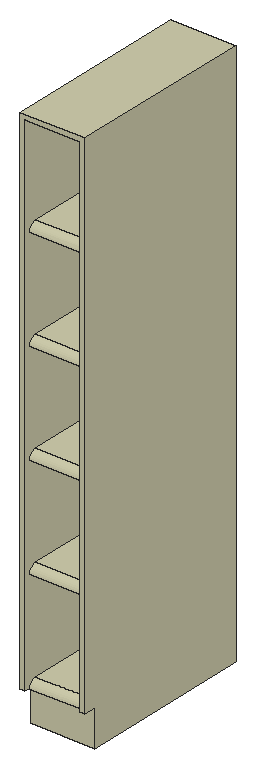
Revit family "Wenger Cabinet 22", category Furniture, Revit 2011
Parameters (values of type "Standard Cabinet #22")
  URL = "http://www.wengercorp.com/Home/Contact.html"
  Toekick Material [instance] = none
  RH End Panel [instance] = no
  Model = "22"
  Manufacturer = "Wenger Corporation"
  LH End Panel [instance] = no
  End Panel Material [instance] = none
  Edge Banding Material [instance] = none
  Door Material [instance] = none
  Description = "Standard Cabinet #22"
  Cabinet Width = 0' - 10"
  Cabinet Label = Labels : Standard
  Cabinet Height = 7' - 1 5/8"
  Cabinet Depth = 2' - 5 1/4"
  Cabinet Back Thickness = 0' - 0 3/4"
  Assembly Code = ""
Types (4): name | Model | Description | Cabinet Width | Cabinet Label | Cabinet Depth | Cabinet Back Thickness
  Standard Cabinet #22 | "22" | "Standard Cabinet #22" | 0' - 10" | Labels : Standard | 2' - 5 1/4" | 0' - 0 3/4"
  Acoustic Cabinet #22 | "22A" | "Acoustic Cabinet #22" | 0' - 10" | Labels : Acoustic | 2' - 7 3/4" | 0' - 3 1/4"
  Narrow Cabinet #22 | "22N" | "Narrow Cabinet #22" | 0' - 8" | Labels : Narrow | 2' - 5 1/4" | 0' - 0 3/4"
  Narrow Acoustic Cabinet #22 | "22NA" | "Narrow Acoustic Cabinet #22" | 0' - 8" | Labels : Narrow Acoustic | 2' - 7 3/4" | 0' - 3 1/4"
Reference planes (in)
  plane 1 "Front": y = 0
  plane 2: z = 0
  plane 3 "Left": x = 0
  plane 4 "Right": x = 10
  plane 5 "Back": y = 29.25
  plane 6 "Top": z = 85.625
  plane 7: z = 5.625
  plane 8: z = 21.475
  plane 9: z = 37.325
  plane 10: z = 53.175
  plane 11: z = 69.025
  plane 12: x = 0.75
  plane 13: x = 9.25
  plane 14: z = 84.875
  plane 15: y = 28.5
  plane 16: y = 2
  plane 17: y = 0.75
  plane 18: z = 22.6
  plane 19: z = 38.45
  plane 20: z = 54.3
  plane 21: z = 70.15
  plane 22: z = 6.75
Forms (in)
  Extrusion 1, solid, material "Wenger - Oyster"
    sketch origin (0, 0, 0) x (0, 1, 0) y (0, 0, 1)
      loop
        line (0, 85.625) -> (0, 5.625) -> (2, 5.625) -> (2, 0) -> (29.25, 0) -> (29.25, 85.625) -> (0, 85.625)
    from 0 to 10
  Extrusion 2, void
    sketch origin (0, 0, 0) x (0, 1, 0) y (0, 0, 1)
      loop
        line (-5.5, 84.875) -> (-5.5, 5.625) -> (0.75, 5.625)
        arc (0.75, 5.625) -> (1.18296, 6.40088) -> (2, 6.75) r 1.375
        line (2, 6.75) -> (28.5, 6.75) -> (28.5, 21.475) -> (0.75, 21.475)
        arc (0.75, 21.475) -> (1.18296, 22.25088) -> (2, 22.6) r 1.375
        line (2, 22.6) -> (28.5, 22.6) -> (28.5, 37.325) -> (0.75, 37.325)
        arc (0.75, 37.325) -> (1.18296, 38.10088) -> (2, 38.45) r 1.375
        line (2, 38.45) -> (28.5, 38.45) -> (28.5, 53.175) -> (0.75, 53.175)
        arc (0.75, 53.175) -> (1.18296, 53.95088) -> (2, 54.3) r 1.375
        line (2, 54.3) -> (28.5, 54.3) -> (28.5, 69.025) -> (0.75, 69.025)
        arc (0.75, 69.025) -> (1.18296, 69.80088) -> (2, 70.15) r 1.375
        line (2, 70.15) -> (28.5, 70.15) -> (28.5, 84.875) -> (-5.5, 84.875)
    from 0.75 to 9.25
Cuts and joins
  Extrusion 2 cuts Extrusion 1
Lines and regions (in)
  symbolic lines
    curve 1: line (0, 29.25, 0) -> (10, 29.25, 0)
    curve 2: line (0, 0, 0) -> (0, 29.25, 0)
    curve 3: line (10, 0, 0) -> (0, 0, 0)
    curve 4: line (10, 29.25, 0) -> (10, 0, 0)
Text (in)
  text "01" at (13.28235, 0, 97.09414), in view "Front"
Dimensions and locks (in)
  locked: plane 3 "Left" to plane 12 at 0.75
  locked: plane 13 to plane 4 "Right" at 0.75
  "Cabinet Back Thickness": plane 5 "Back" to plane 15
  locked: plane 1 "Front" to plane 17 at 0.75
  locked: plane 1 "Front" to plane 16 at 2
  locked: plane 18 to plane 8 at 1.125
  locked: plane 19 to plane 9 at 1.125
  locked: plane 20 to plane 10 at 1.125
  locked: plane 21 to plane 11 at 1.125
  locked: plane 6 "Top" to plane 14 at 0.75
  equal spacing: plane 14, plane 11, plane 10, plane 9, plane 8, plane 7
  locked: plane 22 to plane 7 at 1.125
  plane 13 to plane 3 "Left" = 0' - 9 1/4"
  "Cabinet Width": plane 3 "Left" to plane 4 "Right"
  locked: plane 7 to level at 5.625
  "Cabinet Height": plane 6 "Top" to level
  "Cabinet Depth": plane 1 "Front" to plane 5 "Back"
  plane 12 to plane 13 = 0' - 8 1/2"
  plane 14 to plane 7 = 6' - 7 1/4"
  aligned and locked: Extrusion 1 sketch curve to plane 6 "Top"
  aligned and locked: Extrusion 1 sketch curve to plane 5 "Back"
  aligned and locked: Extrusion 1 sketch curve to plane 1 "Front"
  aligned and locked: Extrusion 1 sketch curve to plane 7
  aligned and locked: Extrusion 1 sketch curve to plane 16
  aligned and locked: Extrusion 1 sketch curve to level
  aligned and locked: Extrusion 1 to plane 4 "Right"
  aligned and locked: Extrusion 1 to plane 3 "Left"
  aligned and locked: Extrusion 2 sketch curve to plane 14
  aligned and locked: Extrusion 2 sketch curve to plane 15
  aligned and locked: Extrusion 2 sketch curve to plane 11
  aligned and locked: Extrusion 2 sketch curve to plane 20
  aligned and locked: Extrusion 2 sketch curve to plane 10
  aligned and locked: Extrusion 2 sketch curve to plane 19
  aligned and locked: Extrusion 2 sketch curve to plane 9
  aligned and locked: Extrusion 2 sketch curve to plane 18
  aligned and locked: Extrusion 2 sketch curve to plane 8
  aligned and locked: Extrusion 2 sketch curve to plane 22
  aligned and locked: Extrusion 2 sketch curve to plane 21
  aligned and locked: Extrusion 2 to plane 12
  aligned and locked: plane 3 "Left" to curve 2
  aligned and locked: curve 1 to plane 5 "Back"
  aligned and locked: plane 4 "Right" to curve 4
  aligned and locked: curve 3 to plane 1 "Front"
  aligned and locked: Extrusion 2 to plane 13
Automatic sketch dimensions
  Extrusion 2 sketch curve to plane 7 = 0' - 0"
  Extrusion 2 sketch curve to plane 17 = 0' - 0"  (x5)
  Extrusion 2 sketch curve to plane 16 = 0' - 0"  (x5)
  Extrusion 2 sketch curve to plane 15 = 0' - 0"  (x4)
  plane 1 "Front" to Extrusion 2 sketch curve = 0' - 5 1/2"
  Extrusion 2 sketch curve to plane 16 = 0' - 0.10279"  (x5)
Nested families (in)
  nested 1: "LH End Panel" at (0, 14.25, 0) x (0, -1, 0) z (0, 0, 1), End Panel Material <- "End Panel Material", visible <- "LH End Panel", Edge Banding Material <- "Edge Banding Material", type "20x84 LH"
    with End Panel Material none, Edge Banding Material none, End Panel Depth 2' - 5 1/4"
  nested 2: "RH End Panel" at (10.75, 14.25, 0) x (0, -1, 0) z (0, 0, 1), End Panel Material <- "End Panel Material", visible <- "RH End Panel", Edge Banding Material <- "Edge Banding Material", type "20x84 RH"
    with End Panel Material none, Edge Banding Material none, End Panel Depth 2' - 5 1/4"
  nested 3: "Labels" at (4.83333, 13.56722, 0) x (0, 1, 0) z (0, 0, 1), type <- "Cabinet Label", type "Standard"
  nested 4: "Front Note" at (4, 0.75, 0), type "Front Note", detail levels medium+fine
Definition of nested family "LH End Panel"
  Parameters (values of type "20x84 LH")
    End Panel Material [instance] = none
    End Panel Height = 7' - 1 5/8"
    End Panel Depth = 1' - 7 1/4"
    Edge Banding Material [instance] = none
    Default Elevation = 4' - 0"
    Assembly Code = ""
  Reference planes (in)
    plane 1 "Center (Front/Back)": y = 0
    plane 2: z = 0
    plane 3 "Center (Left/Right)": x = 0
    plane 4: x = -15
    plane 5: x = 4.25
    plane 6: z = 5.625
    plane 7: x = 2.25
    plane 8: z = 85.625
    plane 9: y = -0.75
  Forms (in)
    Extrusion 1, solid, material <- "End Panel Material"
      sketch origin (0, 0, 0) x (1, 0, 0) y (0, 0, 1)
        loop
          line (-15, 85.625) -> (-15, 0) -> (2.25, 0) -> (2.25, 5.625) -> (4.25, 5.625) -> (4.25, 85.625) -> (-15, 85.625)
      from 0 to 0.75
  Dimensions and locks (in)
    locked: plane 7 to plane 5 at 2
    locked: plane 6 to level at 5.625
    "End Panel Height": plane 8 to level
    "End Panel Depth": plane 5 to plane 4
    locked: plane 9 to plane 1 "Center (Front/Back)" at 0.75
    aligned and locked: plane 4 to Extrusion 1 sketch curve
    aligned and locked: level to Extrusion 1 sketch curve
    aligned and locked: plane 7 to Extrusion 1 sketch curve
    aligned and locked: plane 6 to Extrusion 1 sketch curve
    aligned and locked: Extrusion 1 sketch curve to plane 5
    aligned and locked: Extrusion 1 sketch curve to plane 8
    aligned and locked: Extrusion 1 to plane 9
    aligned and locked: Extrusion 1 to plane 1 "Center (Front/Back)"
Definition of nested family "RH End Panel"
  Parameters (values of type "20x84 RH")
    End Panel Material [instance] = none
    End Panel Height = 7' - 1 5/8"
    End Panel Depth = 1' - 7 1/4"
    Edge Banding Material [instance] = none
    Default Elevation = 4' - 0"
    Assembly Code = ""
  Reference planes (in)
    plane 1 "Center (Front/Back)": y = 0
    plane 2: z = 0
    plane 3 "Center (Left/Right)": x = 0
    plane 4: x = -15
    plane 5: x = 4.25
    plane 6: z = 5.625
    plane 7: x = 2.25
    plane 8: z = 85.625
    plane 9: y = -0.75
  Forms (in)
    Extrusion 1, solid, material <- "End Panel Material"
      sketch origin (0, 0, 0) x (1, 0, 0) y (0, 0, 1)
        loop
          line (-15, 85.625) -> (-15, 0) -> (2.25, 0) -> (2.25, 5.625) -> (4.25, 5.625) -> (4.25, 85.625) -> (-15, 85.625)
      from 0 to 0.75
  Dimensions and locks (in)
    locked: plane 7 to plane 5 at 2
    locked: plane 6 to level at 5.625
    "End Panel Height": plane 8 to level
    "End Panel Depth": plane 5 to plane 4
    locked: plane 9 to plane 1 "Center (Front/Back)" at 0.75
    aligned and locked: plane 4 to Extrusion 1 sketch curve
    aligned and locked: level to Extrusion 1 sketch curve
    aligned and locked: plane 7 to Extrusion 1 sketch curve
    aligned and locked: plane 6 to Extrusion 1 sketch curve
    aligned and locked: Extrusion 1 sketch curve to plane 5
    aligned and locked: Extrusion 1 sketch curve to plane 8
    aligned and locked: Extrusion 1 to plane 9
    aligned and locked: Extrusion 1 to plane 1 "Center (Front/Back)"
Definition of nested family "Labels"
  Parameters (values of type "Standard")
    Cabinet Label = "01"
  Types (4): name | Cabinet Label
    Standard | "01"
    Narrow | "01N"
    Narrow Acoustic | "01NA"
    Acoustic | "01A"
  Reference planes (in)
    plane 1: y = 0
    plane 2: x = 0
  Text (in)
    label "xxxx" at (-0.00018, 0.00754, 0), shows "Cabinet Label"
Definition of nested family "Front Note"
  Parameters (values of type "Front Note")
    Cabinet Label = "Front"
  Reference planes (in)
    plane 1: y = 0
    plane 2: x = 0
  Text (in)
    label "Front" at (-0.00018, 0.00754, 0), shows "Cabinet Label"
